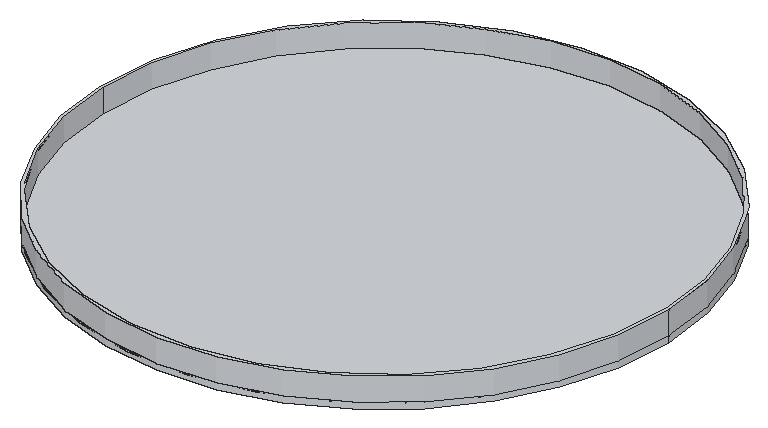
Revit family "vent_cap", category Generic Models, Revit 2025
Family settings
  Can host rebar = No
  Round Connector Dimension = Use Diameter
  Part Type = Normal
  Work Plane-Based = No
  Always vertical = Yes
  Cut with Voids When Loaded = No
  Maintain Annotation Orientation = No
  Shared = No
  Room Calculation Point = No
Parameters
  Lip Size = 0' - 0 1/4"
  Gauge = 0' - 0 1/16"
  Diameter Inner = Diameter - Gauge  # 0' - 6.00484"
  Diameter = 0' - 6.06734"
  Default Elevation = 0' - 0"
Reference planes (in)
  plane 1 "Center (Front/Back)": y = 0
  plane 2: z = 0
  plane 3 "Center (Left/Right)": x = 0
  plane 4: y = 3.03367
  plane 5: y = -3.03367
  plane 6: x = -3.03367
  plane 7: x = 3.03367
  plane 8: z = 0.0625
Forms (in)
  Extrusion 1, solid
    sketch origin (0, 0, 0) x (1, 0, 0) y (0, 1, 0)
      loop
        circle (0, 0) r 3.03367
    from 0 to 0.0625 <- "Gauge"
  Extrusion 2, solid
    sketch origin (-8.82302, -180, 0.0625) x (-1, 0, 0) y (0, -1, 0)
      loop
        circle (-8.82302, -180) r 3.03367
      loop
        circle (-8.82302, -180) r 3.00242
    from 0 to 0.25 <- "Lip Size"
Dimensions and locks (in)
  equal spacing: plane 5, plane 1 "Center (Front/Back)", plane 4
  equal spacing: plane 6, plane 3 "Center (Left/Right)", plane 7
  "Diameter": plane 4 to plane 5
  "Diameter": plane 6 to plane 7
  "Gauge": plane 8 to plane 2
  "Diameter": diameter of Extrusion 1 sketch curve
  "Diameter": diameter of Extrusion 2 sketch curve
  "Diameter Inner": diameter of Extrusion 2 sketch curve
  aligned and locked: plane 2 to level
  aligned and locked: plane 3 "Center (Left/Right)" to Extrusion 1 sketch curve
  aligned and locked: plane 1 "Center (Front/Back)" to Extrusion 1 sketch curve
  aligned and locked: plane 3 "Center (Left/Right)" to Extrusion 2 sketch curve  (x2)
  aligned and locked: plane 1 "Center (Front/Back)" to Extrusion 2 sketch curve  (x2)
